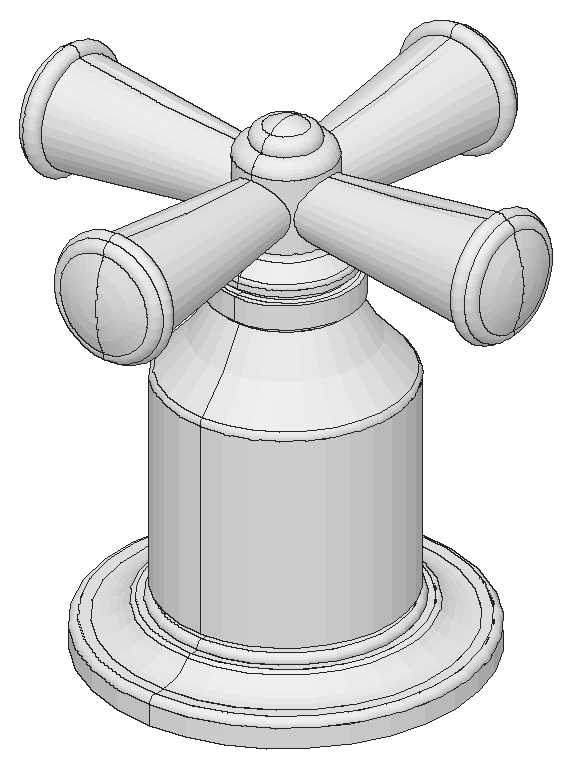
Revit family "Diverter_Valve_Trim-American_Standard-Delancey-T05243X_Series", category Plumbing Fixtures, host Face, Revit 2014
Parameters (values of type "T052432.002")
  Width = 3 1/16"  # constant formula
  Water Connection Radius = 1/4"  # constant formula
  Water Connection Diameter = Water Connection Radius * 2  # 1/2"
  Waste Connection = no
  Warranty Information = "Limited Lifetime Function and Finish Warranty"  # constant formula
  WFU = 4  # constant formula
  Vent Connection = no
  URL = "https://www.americanstandard-us.com/"
  Type Comments = ""
  Product Page URL = ""
  Product Documentation Link = ""
  Price = "Prices may vary. Please consult Manufacturer Representative for most up-to-date price list."  # constant formula
  Model = "T052432.002"
  Material = "Metal-American Standard-002-Polished Chrome"
  Manufacturer = "American Standard"  # constant formula
  Lever Handle = not(Cross Handle)  # no
  Length = 3 5/16"  # constant formula
  Installation Type = "Wall Mounted"  # constant formula
  Hot Water Connection Radius = Hot Water Connection Diameter / 2  # 1/4"
  Hot Water Connection Diameter = 1/2"
  Height = 4 7/8"  # constant formula
  HWFU = 3  # constant formula
  HW Connection = yes
  Finish = Metal-American Standard-002-Polished Chrome
  Description = "Delancey Diverter Valve Trim"
  Default Elevation = 44"  # constant formula
  Cross Handle = yes
  Creation Date = "02/13/2019"  # constant formula
  Cold Water Connection Radius = Cold Water Connection Diameter / 2  # 1/4"
  Cold Water Connection Diameter = 1/2"
  CWFU = 3  # constant formula
  CW Connection = yes
  Assembly Code = "D2020300"
  ADA Compliant = yes
Types (9): name | Model | Material | Lever Handle | Finish | Description | Cross Handle
  (no name) | "T052432.002" | "Metal-American Standard-002-Polished Chrome" | no | Metal-American Standard-002-Polished Chrome | "Delancey Diverter Valve Trim" | yes
  T052430.002 | "T052430.002" | "Metal-American Standard-002-Polished Chrome" | yes | Metal-American Standard-002-Polished Chrome | "Delancey Diverter Valve Trim" | no
  T052430.295 | "T052430.295" | "Metal-American Standard-295-Brushed Nickel" | yes | Metal-American Standard-295-Brushed Nickel | "Delancey Thermostat Trim" | no
  T052430.013 | "T052430.013" | "Metal-American Standard-013-Polished Nickel" | yes | Metal-American Standard-013-Polished Nickel | "Delancey Thermostat Trim" | no
  T052430.278 | "T052430.278" | "Metal-American Standard-278-Legacy Bronze" | yes | Metal-American Standard-278-Legacy Bronze | "Delancey Thermostat Trim" | no
  T052432.002 | "T052432.002" | "Metal-American Standard-002-Polished Chrome" | no | Metal-American Standard-002-Polished Chrome | "Delancey Diverter Valve Trim" | yes
  T052432.295 | "T052432.295" | "Metal-American Standard-295-Brushed Nickel" | no | Metal-American Standard-295-Brushed Nickel | "Delancey Diverter Valve Trim" | yes
  T052432.013 | "T052432.013" | "Metal-American Standard-013-Polished Nickel" | no | Metal-American Standard-013-Polished Nickel | "Delancey Diverter Valve Trim" | yes
  T052432.278 | "T052432.278" | "Metal-American Standard-278-Legacy Bronze" | no | Metal-American Standard-278-Legacy Bronze | "Delancey Diverter Valve Trim" | yes
Reference planes (in)
  plane 1 "Center (Front/Back)": y = 0
  plane 2: z = 0
  plane 3 "Center (Left/Right)": x = 0
  plane 4: y = -1.09375
  plane 5: y = 1.09375
  plane 6: y = -0.6875
  plane 7: y = 0.6875
  plane 8: y = -3.78125
  plane 9: z = 3.3125
Forms (in)
  Revolve 1, solid, material "Metal-American Standard-002-Polished Chrome" <- "Finish", visible <- "Cross Handle"
    sketch origin (0, -2.08655, -0.59203) x (0, 1, 0) y (0, 0, 1)
      loop
        line (2.08655, 2.76118) -> (2.4317, 2.76118) -> (2.4317, 2.79653) -> (2.469, 2.79653) -> (2.469, 2.83393)
        arc (2.469, 2.83393) -> (2.46596, 2.84922) -> (2.4573, 2.86218) r 0.03996
        line (2.4573, 2.86218) -> (2.37746, 2.94202)
        arc (2.37746, 2.94202) -> (2.36567, 2.95967) -> (2.36153, 2.98049) r 0.0544
        line (2.36153, 2.98049) -> (2.36153, 3.40562)
        arc (2.36153, 3.40562) -> (2.33614, 3.46691) -> (2.27486, 3.49229) r 0.08667
        arc (2.27486, 3.49229) -> (2.25983, 3.54775) -> (2.20782, 3.57218) r 0.06839
        arc (2.20782, 3.57218) -> (2.15069, 3.60327) -> (2.08655, 3.61402) r 0.19667
        line (2.08655, 3.61402) -> (2.08655, 2.76118)
      axis (2.08655, 3.61402) -> (2.08655, 2.76118)
    angle from 0 to 360
  Revolve 2, solid, material "Metal-American Standard-002-Polished Chrome" <- "Finish"
    sketch origin (0, 2.0072, -0.25) x (0, -1, 0) y (0, 0, 1)
      loop
        line (2.0072, 0.25) -> (3.10095, 0.25) -> (3.10095, 0.36687)
        arc (3.10095, 0.36687) -> (3.08806, 0.398) -> (3.05693, 0.41089) r 0.04402
        line (3.05693, 0.41089) -> (2.99129, 0.41089)
        arc (2.99129, 0.41089) -> (2.88257, 0.43492) -> (2.7941, 0.50251) r 0.25803
        arc (2.7941, 0.50251) -> (2.78036, 0.513) -> (2.76349, 0.51673) r 0.04005
        line (2.76349, 0.51673) -> (2.7183, 0.51673)
        arc (2.7183, 0.51673) -> (2.71277, 0.5506) -> (2.68217, 0.56613) r 0.03792
        line (2.68217, 0.56613) -> (2.55278, 0.56613) -> (2.55278, 0.60072) -> (2.6947, 0.60072) -> (2.6947, 1.79279)
        arc (2.6947, 1.79279) -> (2.68948, 1.81733) -> (2.67472, 1.83763) r 0.06028
        arc (2.67472, 1.83763) -> (2.5041, 2.02613) -> (2.37566, 2.24555) r 1.23635
        line (2.37566, 2.24555) -> (2.37566, 2.2809) -> (2.41822, 2.2809) -> (2.41822, 2.41915) -> (2.38717, 2.41915)
        arc (2.38717, 2.41915) -> (2.23876, 2.48062) -> (2.17729, 2.62902) r 0.20987
        line (2.17729, 2.62902) -> (2.17729, 2.69475) -> (2.0072, 2.69475) -> (2.0072, 0.25)
      axis (2.0072, 2.69475) -> (2.0072, 0.25)
    angle from 0 to 360
  Revolve 3, solid, material "Metal-American Standard-002-Polished Chrome" <- "Finish", visible <- "Cross Handle"
    sketch origin (0, -2.08655, -0.59203) x (0, 1, 0) y (0, 0, 1)
      loop
        arc (3.416, 3.49239) -> (2.08655, 3.36796) -> (0.7571, 3.49239) r 7.16435
        arc (0.7571, 3.49239) -> (0.72645, 3.54542) -> (0.66888, 3.5245) r 0.04767
        arc (0.66888, 3.5245) -> (0.6313, 3.50578) -> (0.61939, 3.46552) r 0.05258
        arc (0.61939, 3.46552) -> (0.57152, 3.32797) -> (0.5553, 3.18322) r 0.65372
        line (0.5553, 3.18322) -> (3.6178, 3.18322)
        arc (3.6178, 3.18322) -> (3.60157, 3.32797) -> (3.5537, 3.46552) r 0.65372
        arc (3.5537, 3.46552) -> (3.5418, 3.50578) -> (3.50422, 3.5245) r 0.05258
        arc (3.50422, 3.5245) -> (3.44665, 3.54542) -> (3.416, 3.49239) r 0.04767
      axis (3.6178, 3.18322) -> (0.5553, 3.18322)
    angle from 0 to 360
  Revolve 4, solid, material "Metal-American Standard-002-Polished Chrome" <- "Finish", visible <- "Cross Handle"
    sketch origin (-2.08655, 0, -0.59203) x (1, 0, 0) y (0, 0, 1)
      loop
        arc (3.416, 3.49239) -> (2.08655, 3.36796) -> (0.7571, 3.49239) r 7.16435
        arc (0.7571, 3.49239) -> (0.72645, 3.54542) -> (0.66888, 3.5245) r 0.04767
        arc (0.66888, 3.5245) -> (0.6313, 3.50578) -> (0.61939, 3.46552) r 0.05258
        arc (0.61939, 3.46552) -> (0.57152, 3.32797) -> (0.5553, 3.18322) r 0.65372
        line (0.5553, 3.18322) -> (3.6178, 3.18322)
        arc (3.6178, 3.18322) -> (3.60157, 3.32797) -> (3.5537, 3.46552) r 0.65372
        arc (3.5537, 3.46552) -> (3.5418, 3.50578) -> (3.50422, 3.5245) r 0.05258
        arc (3.50422, 3.5245) -> (3.44665, 3.54542) -> (3.416, 3.49239) r 0.04767
      axis (3.6178, 3.18322) -> (0.5553, 3.18322)
    angle from 0 to 360
  Sweep 5, solid, material "Metal-American Standard-002-Polished Chrome" <- "Finish", visible <- "Lever Handle"
    path origin (0, 1.96033, -0.76563) x (0, 1, 0) y (0, 0, 1)
      loop
        line (-1.96033, 3.21038) -> (-1.96033, 3.27525)
        arc (-1.96033, 3.27525) -> (-2.07303, 3.54734) -> (-2.34511, 3.66004) r 0.38479
        line (-2.34511, 3.66004) -> (-2.41691, 3.66004)
    profile origin (0, 0, 2.47719) x (0, -1, 0) y (1, 0, 0)
      loop
        circle (0, 0) r 0.17009
  Revolve 6, solid, material "Metal-American Standard-002-Polished Chrome" <- "Finish", visible <- "Lever Handle"
    sketch origin (0, 1.96033, -0.76563) x (0, 1, 0) y (0, 0, 1)
      loop
        line (-2.41691, 3.83013) -> (-2.51996, 3.83013) -> (-2.58174, 3.89191)
        arc (-2.58174, 3.89191) -> (-2.59372, 3.92082) -> (-2.62262, 3.93279) r 0.04088
        arc (-2.62262, 3.93279) -> (-2.6525, 3.98494) -> (-2.70733, 3.96032) r 0.04475
        arc (-2.70733, 3.96032) -> (-2.73457, 3.95197) -> (-2.75173, 3.92922) r 0.04618
        arc (-2.75173, 3.92922) -> (-3.96644, 3.89735) -> (-5.17761, 3.9952) r 11.37766
        arc (-5.17761, 3.9952) -> (-5.19874, 4.0158) -> (-5.22815, 4.01352) r 0.03576
        arc (-5.22815, 4.01352) -> (-5.23498, 4.05251) -> (-5.27397, 4.05934) r 0.03446
        arc (-5.27397, 4.05934) -> (-5.32602, 4.09455) -> (-5.37807, 4.05934) r 0.05608
        arc (-5.37807, 4.05934) -> (-5.41887, 4.04587) -> (-5.43921, 4.00804) r 0.05801
        arc (-5.43921, 4.00804) -> (-5.52573, 3.95673) -> (-5.59128, 3.88044) r 0.31024
        arc (-5.59128, 3.88044) -> (-5.63873, 3.86752) -> (-5.66274, 3.82461) r 0.06352
        arc (-5.66274, 3.82461) -> (-5.71266, 3.7491) -> (-5.72885, 3.66004) r 0.22533
        line (-5.72885, 3.66004) -> (-2.41691, 3.66004) -> (-2.41691, 3.83013)
      axis (-2.41691, 3.66004) -> (-5.72885, 3.66004)
    angle from 0 to 360
  Extrusion 7, solid, not visible
    sketch origin (0, 1.96033, 0) x (1, 0, 0) y (0, 1, 0)
      loop
        circle (0, -1.96033) r 0.46623
    from -1.35143 to 0
  Extrusion 8, solid, not visible
    sketch origin (0, 1.96033, 0) x (1, 0, 0) y (0, 0, 1)
      loop
        circle (0, -1.35143) r 0.25
    from 0.86658 to 3.05408
  Extrusion 9, solid, not visible
    sketch origin (0, 1.96033, 0) x (0, 1, 0) y (0, 0, 1)
      loop
        circle (-1.96033, -1.35143) r 0.25
    from -1.70877 to 1.68079
Cuts and joins
  joined: Sweep 5, Revolve 6
  joined: Extrusion 7, Extrusion 8, Extrusion 9
  joined: Revolve 1, Revolve 3, Revolve 4
Lines and regions (in)
  Masking region 1
    outline origin (0, 0, 0) x (1, 0, 0) y (0, 0, 1)
      loop
        line (-1.09221, 0) -> (1.09221, 0) -> (1.09221, 0.12731)
        arc (1.09221, 0.12731) -> (1.08255, 0.15062) -> (1.05925, 0.16028) r 0.03296
        line (1.05925, 0.16028) -> (0.97355, 0.16028)
        arc (0.97355, 0.16028) -> (0.86036, 0.18855) -> (0.77377, 0.26673) r 0.2407
        line (0.77377, 0.26673) -> (0.7111, 0.26673)
        arc (0.7111, 0.26673) -> (0.71488, 0.29887) -> (0.6875, 0.31613) r 0.03034
        line (0.6875, 0.31613) -> (0.54558, 0.31613) -> (0.54558, 0.35072) -> (0.6875, 0.35072) -> (0.6875, 1.54224)
        arc (0.6875, 1.54224) -> (0.68128, 1.57032) -> (0.66377, 1.59313) r 0.06643
        arc (0.66377, 1.59313) -> (0.49189, 1.77657) -> (0.36846, 1.99555) r 1.05174
        line (0.36846, 1.99555) -> (0.36846, 2.0309) -> (0.41102, 2.0309) -> (0.41102, 2.16915) -> (-0.41102, 2.16915) -> (-0.41102, 2.0309) -> (-0.36846, 2.0309) -> (-0.36846, 1.99555)
        arc (-0.36846, 1.99555) -> (-0.49189, 1.77657) -> (-0.66377, 1.59313) r 1.05174
        arc (-0.66377, 1.59313) -> (-0.68128, 1.57032) -> (-0.6875, 1.54224) r 0.06643
        line (-0.6875, 1.54224) -> (-0.6875, 0.35072) -> (-0.54558, 0.35072) -> (-0.54558, 0.31613) -> (-0.6875, 0.31613)
        arc (-0.6875, 0.31613) -> (-0.71488, 0.29887) -> (-0.7111, 0.26673) r 0.03034
        line (-0.7111, 0.26673) -> (-0.77377, 0.26673)
        arc (-0.77377, 0.26673) -> (-0.86036, 0.18855) -> (-0.97355, 0.16028) r 0.2407
        line (-0.97355, 0.16028) -> (-1.05925, 0.16028)
        arc (-1.05925, 0.16028) -> (-1.08255, 0.15062) -> (-1.09221, 0.12731) r 0.03296
        line (-1.09221, 0.12731) -> (-1.09221, 0)
  Masking region 2, visible <- "Cross Handle"
    outline origin (0, 0, 0) x (1, 0, 0) y (0, 0, 1)
      loop
        arc (1.32945, 2.90036) -> (0.82379, 2.82466) -> (0.31407, 2.78466) r 7.27645
        arc (0.31407, 2.78466) -> (0.29264, 2.81575) -> (0.26815, 2.8445) r 0.36887
        arc (0.26815, 2.8445) -> (0.23622, 2.88555) -> (0.18645, 2.90062) r 0.08582
        arc (0.18645, 2.90062) -> (0.17401, 2.9569) -> (0.12127, 2.98015) r 0.06376
        arc (0.12127, 2.98015) -> (0, 3.02308) -> (-0.12127, 2.98015) r 0.19277
        arc (-0.12127, 2.98015) -> (-0.17401, 2.9569) -> (-0.18645, 2.90062) r 0.06376
        arc (-0.18645, 2.90062) -> (-0.23622, 2.88555) -> (-0.26815, 2.8445) r 0.08582
        arc (-0.26815, 2.8445) -> (-0.29264, 2.81575) -> (-0.31407, 2.78466) r 0.36887
        arc (-0.31407, 2.78466) -> (-0.82379, 2.82466) -> (-1.32945, 2.90036) r 7.27645
        arc (-1.32945, 2.90036) -> (-1.359, 2.95642) -> (-1.41767, 2.93247) r 0.04717
        arc (-1.41767, 2.93247) -> (-1.4562, 2.91455) -> (-1.46715, 2.8735) r 0.05017
        arc (-1.46715, 2.8735) -> (-1.52918, 2.5912) -> (-1.46715, 2.3089) r 0.67346
        arc (-1.46715, 2.3089) -> (-1.45436, 2.26938) -> (-1.41767, 2.24992) r 0.05529
        arc (-1.41767, 2.24992) -> (-1.36035, 2.22967) -> (-1.32945, 2.28203) r 0.04783
        arc (-1.32945, 2.28203) -> (-0.8249, 2.35981) -> (-0.31605, 2.40099) r 7.07544
        arc (-0.31605, 2.40099) -> (-0.30127, 2.37835) -> (-0.28486, 2.35684) r 0.36887
        line (-0.28486, 2.35684) -> (-0.36511, 2.27659)
        arc (-0.36511, 2.27659) -> (-0.37771, 2.25773) -> (-0.38213, 2.23549) r 0.05813
        line (-0.38213, 2.23549) -> (-0.38213, 2.2045) -> (-0.34515, 2.2045) -> (-0.34515, 2.16915) -> (0.34515, 2.16915) -> (0.34515, 2.2045) -> (0.38213, 2.2045) -> (0.38213, 2.23549)
        arc (0.38213, 2.23549) -> (0.37771, 2.25773) -> (0.36511, 2.27659) r 0.05813
        line (0.36511, 2.27659) -> (0.28486, 2.35684)
        arc (0.28486, 2.35684) -> (0.30127, 2.37835) -> (0.31605, 2.40099) r 0.36887
        arc (0.31605, 2.40099) -> (0.8249, 2.35981) -> (1.32945, 2.28203) r 7.07544
        arc (1.32945, 2.28203) -> (1.36035, 2.22967) -> (1.41767, 2.24992) r 0.04783
        arc (1.41767, 2.24992) -> (1.45436, 2.26938) -> (1.46715, 2.3089) r 0.05529
        arc (1.46715, 2.3089) -> (1.52918, 2.5912) -> (1.46715, 2.8735) r 0.67346
        arc (1.46715, 2.8735) -> (1.4562, 2.91455) -> (1.41767, 2.93247) r 0.05017
        arc (1.41767, 2.93247) -> (1.359, 2.95642) -> (1.32945, 2.90036) r 0.04717
  Masking region 3, visible <- "Lever Handle"
    outline origin (0, 0, 0) x (1, 0, 0) y (0, 0, 1)
      loop
        arc (0.16999, 2.49333) -> (0, 3.32968) -> (-0.16999, 2.49333) r 0.43545
        line (-0.16999, 2.49333) -> (-0.16999, 2.36582)
        arc (-0.16999, 2.36582) -> (-0.2276, 2.22675) -> (-0.36666, 2.16915) r 0.19667
        line (-0.36666, 2.16915) -> (0.36666, 2.16915)
        arc (0.36666, 2.16915) -> (0.2276, 2.22675) -> (0.16999, 2.36582) r 0.19667
        line (0.16999, 2.36582) -> (0.16999, 2.49333)
  symbolic lines, visible <- "Cross Handle", detail levels medium+fine
    curve 1: arc (0.31407, 0, 2.78466) -> (0.36573, 0, 2.59287) -> (0.31407, 0, 2.40108) r 0.38183
    curve 2: arc (0.28486, 0, 2.35684) -> (0, 0, 2.22456) -> (-0.28486, 0, 2.35684) r 0.37284
    curve 3: arc (0.18645, 0, 2.90062) -> (0, 0, 2.94923) -> (-0.18645, 0, 2.90062) r 0.38184
    curve 4: arc (-0.18645, 0, 2.90062) -> (-0.22859, 0, 2.87443) -> (-0.26815, 0, 2.8445) r 0.54108
    curve 5: arc (0.18645, 0, 2.90062) -> (0.22859, 0, 2.87443) -> (0.26815, 0, 2.8445) r 0.54108
    curve 6: arc (-0.31411, 0, 2.78459) -> (-0.36573, 0, 2.59283) -> (-0.31407, 0, 2.40108) r 0.38183
  symbolic lines, visible <- "Cross Handle", detail levels fine
    curve 7: line (1.32945, 0, 2.90036) -> (1.32945, 0, 2.28203)
    curve 8: line (1.41767, 0, 2.24992) -> (1.41767, 0, 2.93247)
    curve 9: line (1.46715, 0, 2.8735) -> (1.46715, 0, 2.3089)
    curve 10: line (0.12127, 0, 2.98015) -> (-0.12127, 0, 2.98015)
    curve 11: line (0.34515, 0, 2.2045) -> (-0.34515, 0, 2.2045)
    curve 12: circle (0, 0, 2.5912) r 0.2823 normal (0, -1, 0)
    curve 13: circle (0, 0, 2.5912) r 0.31485 normal (0, -1, 0)
    curve 14: circle (0, 0, 2.5912) r 0.34127 normal (0, -1, 0)
    curve 15: line (-1.32945, 0, 2.90036) -> (-1.32945, 0, 2.28203)
    curve 16: line (-1.41767, 0, 2.24992) -> (-1.41767, 0, 2.93247)
    curve 17: line (-1.46715, 0, 2.8735) -> (-1.46715, 0, 2.3089)
  symbolic lines, visible <- "Lever Handle", detail levels medium+fine
    curve 18: line (0.16999, 0, 2.49333) -> (0.16999, 0, 2.9093)
    curve 19: line (-0.16999, 0, 2.49333) -> (-0.16999, 0, 2.9093)
    curve 20: arc (0.16999, 0, 2.9093) -> (0, 0, 3.0793) -> (-0.16999, 0, 2.9093) r 0.16999
  symbolic lines, visible <- "Lever Handle", detail levels fine
    curve 21: arc (0.16999, 0, 2.73671) -> (0, 0, 3.12629) -> (-0.16999, 0, 2.73671) r 0.23188
    curve 22: arc (0.16999, 0, 2.64689) -> (0, 0, 3.19469) -> (-0.16999, 0, 2.64689) r 0.30028
    curve 23: arc (0.16999, 0, 2.5331) -> (0, 0, 3.29372) -> (-0.16999, 0, 2.5331) r 0.3993
    curve 24: arc (0.16999, 0, 2.59076) -> (0.02826, 0, 3.24735) -> (-0.16999, 0, 2.60555) r 0.34718
  symbolic lines, detail levels medium+fine
    curve 25: line (0.36846, 0, 2.0309) -> (-0.36846, 0, 2.0309)
    curve 26: line (0.54558, 0, 0.31613) -> (-0.54558, 0, 0.31613)
    curve 27: line (0.54558, 0, 0.35072) -> (-0.54558, 0, 0.35072)
  symbolic lines, detail levels fine
    curve 28: line (0.97355, 0, 0.16028) -> (-0.97355, 0, 0.16028)
    curve 29: line (0.7111, 0, 0.26673) -> (-0.7111, 0, 0.26673)
Dimensions and locks (in)
  equal spacing: plane 5, plane 1 "Center (Front/Back)", plane 4
  locked: plane 5 to plane 4 at 2.1875
  equal spacing: plane 7, plane 1 "Center (Front/Back)", plane 6
  locked: plane 7 to plane 6 at 1.375
  locked: plane 5 to plane 8 at 4.875
  aligned and locked: plane 2 to host face
  aligned and locked: level to host face
Automatic sketch dimensions
  host sketch curve to host sketch curve = 96"  (x2)
  Revolve 1 sketch curve to plane 1 "Center (Front/Back)" = 0"  (x2)
  Revolve 1 sketch curve to plane 1 "Center (Front/Back)" = 0.12089"
  Revolve 1 sketch curve to Revolve 1 sketch curve = 0.06742"
  Revolve 1 sketch curve to Revolve 1 sketch curve = 0.08667"
  Revolve 1 sketch curve to Revolve 1 sketch curve = 0.01593"
  Revolve 1 sketch curve to Revolve 1 sketch curve = 0.03847"
  Revolve 1 sketch curve to Revolve 1 sketch curve = 0.05157"
  Revolve 1 sketch curve to Revolve 1 sketch curve = 0.00266"
  Revolve 1 sketch curve to Revolve 1 sketch curve = 0.02826"
  Revolve 1 sketch curve to Revolve 1 sketch curve = 0.0373"
  Revolve 1 sketch curve to plane 9 = 1.14335"
  Revolve 1 sketch curve to Revolve 1 sketch curve = 0.03535"
  Revolve 1 sketch curve to Revolve 1 sketch curve = 0.0374"
  Revolve 1 sketch curve to Revolve 1 sketch curve = 0.07983"
  Revolve 1 sketch curve to Revolve 1 sketch curve = 0.42513"
  Revolve 1 sketch curve to Revolve 1 sketch curve = 3/256"
  Revolve 1 sketch curve to Revolve 1 sketch curve = 0.0115"
  Revolve 1 sketch curve to Revolve 1 sketch curve = 0.11023"
  Revolve 1 sketch curve to Revolve 1 sketch curve = 0.15348"
  Revolve 1 sketch curve to Revolve 1 sketch curve = 0.02585"
  Revolve 2 sketch curve to plane 1 "Center (Front/Back)" = 0"  (x2)
  Revolve 2 sketch curve to plane 6 = 0"
  Revolve 2 sketch curve to level = 0"
  Revolve 2 sketch curve to plane 4 = 0"
  Revolve 2 sketch curve to plane 1 "Center (Front/Back)" = 0.17009"
  plane 6 to Revolve 2 sketch curve = 0.31904"
  Revolve 2 sketch curve to Revolve 2 sketch curve = 0.01151"
  Revolve 2 sketch curve to Revolve 2 sketch curve = 0.04256"
  plane 6 to Revolve 2 sketch curve = 0.14192"
  Revolve 2 sketch curve to Revolve 2 sketch curve = 0.06028"
  plane 6 to Revolve 2 sketch curve = 0.01253"
  Revolve 2 sketch curve to plane 6 = 0.0236"
  Revolve 2 sketch curve to Revolve 2 sketch curve = 0.04519"
  plane 4 to Revolve 2 sketch curve = 0.10966"
  Revolve 2 sketch curve to Revolve 2 sketch curve = 0.04402"
  Revolve 2 sketch curve to plane 4 = 0.40025"
  Revolve 2 sketch curve to level = 0.11687"
  Revolve 2 sketch curve to level = 0.22668"
  Revolve 2 sketch curve to Revolve 2 sketch curve = 0.04005"
  Revolve 2 sketch curve to Revolve 2 sketch curve = 0.01148"
  Revolve 2 sketch curve to Revolve 2 sketch curve = 0.03459"
  Revolve 2 sketch curve to Revolve 2 sketch curve = 0.25803"
  Revolve 2 sketch curve to Revolve 2 sketch curve = 1.12386"
  Revolve 2 sketch curve to Revolve 2 sketch curve = 0.45276"
  Revolve 2 sketch curve to Revolve 2 sketch curve = 0.03535"
  Revolve 2 sketch curve to Revolve 2 sketch curve = 0.13825"
  Revolve 2 sketch curve to Revolve 2 sketch curve = 0.06573"
  plane 9 to Revolve 2 sketch curve = 0.80537"
  Revolve 2 sketch curve to Revolve 2 sketch curve = 0.0535"
  Revolve 2 sketch curve to Revolve 2 sketch curve = 0.17933"
  Revolve 3 sketch curve to plane 1 "Center (Front/Back)" = 0"
  plane 6 to Revolve 3 sketch curve = 0.19003"
  plane 4 to Revolve 3 sketch curve = 0.28266"
  Revolve 3 sketch curve to Revolve 3 sketch curve = 0.03856"  (x2)
  Revolve 3 sketch curve to Revolve 3 sketch curve = 0.11628"  (x2)
  plane 7 to Revolve 3 sketch curve = 0.19003"
  plane 5 to Revolve 3 sketch curve = 0.28266"
  Revolve 3 sketch curve to plane 9 = 0.7213"
  Revolve 3 sketch curve to Revolve 3 sketch curve = 0.28876"  (x2)
  Revolve 3 sketch curve to Revolve 3 sketch curve = 0.02864"  (x2)
  plane 9 to Revolve 3 sketch curve = 6.62778"
  Revolve 3 sketch curve to Revolve 3 sketch curve = 0.04696"  (x2)
  Revolve 3 sketch curve to Revolve 3 sketch curve = 0.04126"  (x2)
  Revolve 3 sketch curve to Revolve 3 sketch curve = 0.05219"
  Revolve 3 sketch curve to plane 7 = 0.13193"
  plane 7 to Revolve 3 sketch curve = 0.03117"
  Revolve 3 sketch curve to Revolve 3 sketch curve = 0"
  Revolve 4 sketch curve to plane 3 "Center (Left/Right)" = 0"
  Revolve 4 sketch curve to plane 3 "Center (Left/Right)" = 0.87753"
  Revolve 4 sketch curve to plane 9 = 0.40391"  (x2)
  Revolve 4 sketch curve to Revolve 4 sketch curve = 0.49888"  (x2)
  Revolve 4 sketch curve to Revolve 4 sketch curve = 0.03856"  (x2)
  Revolve 4 sketch curve to Revolve 4 sketch curve = 0.11628"  (x2)
  plane 3 "Center (Left/Right)" to Revolve 4 sketch curve = 0.87753"
  Revolve 4 sketch curve to Revolve 4 sketch curve = 0.02864"  (x2)
  Revolve 4 sketch curve to Revolve 4 sketch curve = 0.31739"
  plane 9 to Revolve 4 sketch curve = 6.62778"
  Revolve 4 sketch curve to Revolve 4 sketch curve = 0.04696"  (x2)
  Revolve 4 sketch curve to Revolve 4 sketch curve = 0.04126"  (x2)
  Revolve 4 sketch curve to Revolve 4 sketch curve = 0.05219"
  Revolve 4 sketch curve to Revolve 4 sketch curve = 0.32196"
  Revolve 4 sketch curve to Revolve 4 sketch curve = 0.15886"
  Revolve 4 sketch curve to Revolve 4 sketch curve = 0"
  Sweep 5 sketch curve to plane 1 "Center (Front/Back)" = 0"
  Sweep 5 sketch curve to plane 6 = 0.30271"
  Sweep 5 sketch curve to plane 9 = 0.80287"
  Sweep 5 sketch curve to Sweep 5 sketch curve = 0.0718"
  Sweep 5 sketch curve to Sweep 5 sketch curve = 0.06488"
  Sweep 5 sketch curve to plane 3 "Center (Left/Right)" = 0"
  Sweep 5 sketch curve to profile plane = 0"
  plane 1 "Center (Front/Back)" to Extrusion 7 sketch curve = 0"
  Extrusion 7 sketch curve to plane 3 "Center (Left/Right)" = 0"
  Extrusion 8 sketch curve to plane 3 "Center (Left/Right)" = 0"
  Extrusion 8 sketch curve to level = 1.35143"
  Extrusion 9 sketch curve to plane 1 "Center (Front/Back)" = 0"
  Extrusion 9 sketch curve to level = 1.35143"
  Revolve 6 sketch curve to plane 8 = 0.01273"
  Revolve 6 sketch curve to plane 8 = 0.14195"
  Revolve 6 sketch curve to Revolve 6 sketch curve = 0.09604"
  Revolve 6 sketch curve to plane 9 = 0.07669"
  Revolve 6 sketch curve to Revolve 6 sketch curve = 0.21804"
  Revolve 6 sketch curve to Revolve 6 sketch curve = 0.17727"
  Revolve 6 sketch curve to Revolve 6 sketch curve = 0.05556"
  Revolve 6 sketch curve to Revolve 6 sketch curve = 0.06668"
  Revolve 6 sketch curve to Revolve 6 sketch curve = 0.04843"
  plane 4 to Revolve 6 sketch curve = 0.60302"
  plane 6 to Revolve 6 sketch curve = 0.06026"
  plane 6 to Revolve 6 sketch curve = 0.0185"
  Revolve 6 sketch curve to plane 6 = 0.0252"
  Revolve 6 sketch curve to Revolve 6 sketch curve = 0.04088"
  Revolve 6 sketch curve to Revolve 6 sketch curve = 0.06178"  (x2)
  Revolve 6 sketch curve to Revolve 6 sketch curve = 0.10305"
  Revolve 6 sketch curve to plane 9 = 0.09595"
  Revolve 6 sketch curve to plane 9 = 0.13574"
  Revolve 6 sketch curve to Revolve 6 sketch curve = 0.02824"
  Revolve 6 sketch curve to Revolve 6 sketch curve = 0.05047"
  Revolve 6 sketch curve to plane 9 = 0.26066"
  Revolve 6 sketch curve to Revolve 6 sketch curve = 0.26311"
  Revolve 6 sketch curve to Revolve 6 sketch curve = 39/256"
  Revolve 6 sketch curve to Revolve 6 sketch curve = 0.17009"
  Revolve 6 sketch curve to plane 9 = 0.04998"
  Revolve 6 sketch curve to plane 9 = 0.03965"
  Revolve 6 sketch curve to Revolve 6 sketch curve = 0.06311"
  Revolve 6 sketch curve to Revolve 6 sketch curve = 0.00834"
  Revolve 6 sketch curve to Revolve 6 sketch curve = 0.05763"
  Revolve 6 sketch curve to plane 9 = 0.01878"  (x2)
  Revolve 6 sketch curve to Revolve 6 sketch curve = 0.0312"
  Revolve 6 sketch curve to Revolve 6 sketch curve = 0.03331"
  plane 4 to Revolve 6 sketch curve = 0.19524"
  plane 4 to Revolve 6 sketch curve = 0.02475"
  Revolve 6 sketch curve to Revolve 6 sketch curve = 0.04365"
  Revolve 6 sketch curve to Revolve 6 sketch curve = 0.041"
  Revolve 6 sketch curve to plane 9 = 0.41809"
  Masking region 1 sketch curve to level = 0"
  Masking region 1 sketch curve to plane 3 "Center (Left/Right)" = 0.36846"
  Masking region 1 sketch curve to Masking region 1 sketch curve = 0.04256"  (x2)
  Masking region 1 sketch curve to plane 3 "Center (Left/Right)" = 0.54558"
  Masking region 1 sketch curve to Masking region 1 sketch curve = 0.25261"  (x2)
  Masking region 1 sketch curve to Masking region 1 sketch curve = 0.14192"
  Masking region 1 sketch curve to Masking region 1 sketch curve = 0"  (x2)
  Masking region 1 sketch curve to Masking region 1 sketch curve = 0.0236"  (x2)
  Masking region 1 sketch curve to Masking region 1 sketch curve = 0.06267"  (x2)
  Masking region 1 sketch curve to Masking region 1 sketch curve = 0.19978"  (x2)
  Masking region 1 sketch curve to Masking region 1 sketch curve = 0.08569"  (x2)
  Masking region 1 sketch curve to Masking region 1 sketch curve = 0.03296"  (x2)
  Masking region 1 sketch curve to Masking region 1 sketch curve = 0.9288"  (x2)
  plane 3 "Center (Left/Right)" to Masking region 1 sketch curve = 0.36846"
  plane 3 "Center (Left/Right)" to Masking region 1 sketch curve = 0.54558"
  Masking region 1 sketch curve to Masking region 1 sketch curve = 0.06643"
  level to Masking region 1 sketch curve = 0.12731"  (x2)
  level to Masking region 1 sketch curve = 0.26673"
  Masking region 1 sketch curve to Masking region 1 sketch curve = 0.10645"
  Masking region 1 sketch curve to Masking region 1 sketch curve = 0.01906"  (x2)
  Masking region 1 sketch curve to Masking region 1 sketch curve = 0.03459"  (x2)
  Masking region 1 sketch curve to Masking region 1 sketch curve = 1.14127"
  Masking region 1 sketch curve to Masking region 1 sketch curve = 0.45331"  (x2)
  Masking region 1 sketch curve to Masking region 1 sketch curve = 0.03535"  (x2)
  Masking region 1 sketch curve to Masking region 1 sketch curve = 0.13825"  (x2)
  Masking region 1 sketch curve to plane 9 = 0.91369"  (x2)
  Masking region 2 sketch curve to Masking region 2 sketch curve = 0"  (x10)
  Masking region 2 sketch curve to plane 3 "Center (Left/Right)" = 0"  (x4)
  Masking region 2 sketch curve to plane 3 "Center (Left/Right)" = 0.1247"
  Masking region 2 sketch curve to Masking region 2 sketch curve = 0.06294"  (x2)
  Masking region 2 sketch curve to Masking region 2 sketch curve = 0.02115"  (x2)
  Masking region 2 sketch curve to Masking region 2 sketch curve = 0.04111"  (x2)
  Masking region 2 sketch curve to Masking region 2 sketch curve = 0.01703"
  Masking region 2 sketch curve to Masking region 2 sketch curve = 0.49061"  (x2)
  Masking region 2 sketch curve to Masking region 2 sketch curve = 0.51941"  (x2)
  Masking region 2 sketch curve to Masking region 2 sketch curve = 0.52098"  (x2)
  Masking region 2 sketch curve to Masking region 2 sketch curve = 0.0353"  (x2)
  Masking region 2 sketch curve to Masking region 2 sketch curve = 0.04263"  (x2)
  plane 3 "Center (Left/Right)" to Masking region 2 sketch curve = 0.1247"
  Masking region 2 sketch curve to Masking region 2 sketch curve = 0.03698"
  Masking region 2 sketch curve to level = 4.66738"
  Masking region 2 sketch curve to plane 9 = 1.14335"
  Masking region 2 sketch curve to Masking region 2 sketch curve = 0.03535"  (x2)
  Masking region 2 sketch curve to Masking region 2 sketch curve = 0.03099"  (x2)
  Masking region 2 sketch curve to Masking region 2 sketch curve = 0.03914"  (x2)
  Masking region 2 sketch curve to Masking region 2 sketch curve = 0.03031"  (x2)
  Masking region 2 sketch curve to Masking region 2 sketch curve = 0.3146"  (x2)
  Masking region 2 sketch curve to Masking region 2 sketch curve = 0.01549"  (x2)
  Masking region 2 sketch curve to plane 9 = 0.4302"  (x2)
  Masking region 2 sketch curve to Masking region 2 sketch curve = 0.02979"  (x2)
  Masking region 2 sketch curve to Masking region 2 sketch curve = 0.10168"  (x2)
  Masking region 2 sketch curve to Masking region 2 sketch curve = 0.00342"  (x2)
  Masking region 2 sketch curve to Masking region 2 sketch curve = 0.06175"  (x2)
  Masking region 2 sketch curve to Masking region 2 sketch curve = 0.0817"  (x2)
  Masking region 2 sketch curve to Masking region 2 sketch curve = 0.08025"  (x2)
  Masking region 2 sketch curve to Masking region 2 sketch curve = 0.03119"
  Masking region 2 sketch curve to Masking region 2 sketch curve = 0.04568"  (x2)
  Masking region 2 sketch curve to Masking region 2 sketch curve = 0.04726"  (x2)
  Masking region 2 sketch curve to Masking region 2 sketch curve = 0.04254"  (x2)
  Masking region 2 sketch curve to Masking region 2 sketch curve = 0.04096"  (x2)
  Masking region 2 sketch curve to Masking region 2 sketch curve = 0.05515"  (x2)
  Masking region 2 sketch curve to Masking region 2 sketch curve = 0.04939"
  Masking region 2 sketch curve to plane 3 "Center (Left/Right)" = 0.31407"
  Masking region 2 sketch curve to Masking region 2 sketch curve = 0.04592"
  Masking region 2 sketch curve to Masking region 2 sketch curve = 0.0247"
  Masking region 2 sketch curve to Masking region 2 sketch curve = 0.1902"
  plane 3 "Center (Left/Right)" to Masking region 2 sketch curve = 0.28486"
  Masking region 2 sketch curve to Masking region 2 sketch curve = 0.04415"  (x2)
  Masking region 2 sketch curve to Masking region 2 sketch curve = 0.00199"
  Masking region 2 sketch curve to Masking region 2 sketch curve = 0.22361"
  Masking region 2 sketch curve to Masking region 2 sketch curve = 0.03015"
  Masking region 3 sketch curve to plane 3 "Center (Left/Right)" = 0"
  Masking region 3 sketch curve to plane 3 "Center (Left/Right)" = 0.16999"
  Masking region 3 sketch curve to Masking region 3 sketch curve = 0.19667"  (x2)
  plane 3 "Center (Left/Right)" to Masking region 3 sketch curve = 0.16999"
  Masking region 3 sketch curve to plane 9 = 0.41827"
  Masking region 3 sketch curve to Masking region 3 sketch curve = 0.12751"
  Masking region 3 sketch curve to Masking region 3 sketch curve = 0.4009"
  curve 12 to curve 13 = 0"  (x2)
  curve 12 to curve 14 = 0"  (x2)
  curve 13 to curve 14 = 0"  (x2)
  curve 21 to curve 22 = 0"  (x2)
  curve 21 to curve 23 = 0"  (x2)
  curve 22 to curve 23 = 0"  (x2)
  curve 12 to plane 3 "Center (Left/Right)" = 0"
  curve 23 to plane 3 "Center (Left/Right)" = 0"
  curve 3 to plane 3 "Center (Left/Right)" = 0"
  curve 2 to plane 3 "Center (Left/Right)" = 0"
  curve 1 to plane 3 "Center (Left/Right)" = 0.0161"
  curve 5 to plane 3 "Center (Left/Right)" = 0.07775"
  plane 3 "Center (Left/Right)" to curve 24 = 0.01316"
  plane 3 "Center (Left/Right)" to curve 6 = 0.0161"
  plane 3 "Center (Left/Right)" to curve 4 = 0.07775"
  curve 4 to plane 9 = 0.88407"
  curve 5 to curve 4 = 0"
  curve 5 to curve 3 = 0.13896"
  curve 3 to curve 13 = 0.0238"
  curve 14 to curve 6 = 0.00167"
  curve 14 to curve 1 = 0.00167"
  curve 14 to curve 2 = 0.0062"
  curve 2 to curve 22 = 0.29701"
  curve 23 to curve 24 = 0.00609"
  curve 23 to curve 20 = 0.01489"
  curve 10 to plane 3 "Center (Left/Right)" = 0.12127"
  curve 23 to curve 5 = 0.09224"
  curve 20 to curve 19 = 0"
  curve 4 to curve 3 = 0"
  curve 4 to curve 3 = 0.0817"
  curve 2 to curve 19 = 0.11487"
  curve 6 to curve 2 = 0.02921"
  curve 6 to curve 4 = 0.04596"
  curve 11 to curve 2 = 0.06029"
  curve 25 to curve 11 = 0.0233"
  curve 26 to plane 3 "Center (Left/Right)" = 0.54558"
  curve 27 to curve 26 = 0"  (x2)
  curve 29 to curve 26 = 0.16552"
  curve 28 to curve 29 = 0.26245"
  curve 15 to curve 11 = 0.9843"
  curve 16 to curve 15 = 0.08822"
  curve 17 to curve 16 = 0.04948"
  curve 10 to curve 20 = 0.04872"
  curve 6 to curve 24 = 0.15389"
  curve 5 to curve 3 = 0"
  curve 3 to curve 5 = 0.0817"
  curve 18 to curve 2 = 0.11487"
  curve 2 to curve 1 = 0.02921"
  curve 5 to curve 1 = 0.04592"
  curve 2 to curve 11 = 0.06029"
  curve 11 to curve 25 = 0.0233"
  plane 3 "Center (Left/Right)" to curve 27 = 0.54558"
  curve 26 to curve 29 = 0.16552"
  curve 29 to curve 28 = 0.26245"
  curve 11 to curve 7 = 0.9843"
  curve 7 to curve 8 = 0.08822"
  curve 8 to curve 9 = 0.04948"
  curve 1 to curve 4 = 7/256"
  curve 6 to curve 5 = 7/256"
  curve 2 to curve 6 = 0.04424"
  curve 17 to plane 9 = 1.0036"
  curve 9 to plane 9 = 1.0036"
  curve 7 to curve 9 = 0.02686"
  curve 15 to curve 17 = 0.02686"
  curve 8 to curve 9 = 0.05897"
  curve 16 to curve 17 = 0.05897"
  curve 11 to curve 2 = 39/256"
  curve 25 to curve 11 = 0.1736"
  level to curve 27 = 0.35072"
  curve 26 to curve 27 = 0.03459"
  curve 29 to curve 26 = 0.0494"
  level to curve 28 = 0.16028"
  curve 18 to curve 24 = 0.09743"
  curve 19 to curve 24 = 0.11223"
  curve 18 to curve 23 = 0.03978"
  curve 24 to curve 22 = 0.05613"
  curve 22 to curve 21 = 23/256"
  curve 17 to plane 9 = 0.439"
  curve 9 to plane 9 = 0.439"
  curve 9 to curve 7 = 0.02686"
  curve 17 to curve 15 = 0.02686"
  curve 17 to curve 16 = 0.05897"
  curve 9 to curve 8 = 0.05897"
  curve 19 to curve 10 = 0.07085"
  radius of Sweep 5 sketch curve = 0.17009"
  radius of Extrusion 7 sketch curve = 0.46623"
  radius of Extrusion 8 sketch curve = 1/4"
  radius of Extrusion 9 sketch curve = 1/4"
  radius of curve 12 = 0.2823"
  radius of curve 13 = 0.31485"
  radius of curve 14 = 0.34127"
Connectors (in)
  piping at (-1.70877, 0, -1.35143), diameter 0.5, driven by "HWFU", driven by "Hot Water Connection Diameter"
    settings: on cut or joined group of Extrusion 7, Extrusion 8, Extrusion 9, index 1, connector inside diameter 24", connector length 0", flow factor 0, pipe flow 0 GPM, pressure drop 0.00 psi, fitting loss kfactor 0, connector angle 0.00°, fixture units 3, engagement length 0", angle of deflection 0.00°, flow configuration 3, flow direction 1, fitting loss method 0, system type 19, joint type 0, gender type 0, connector reference index -1, connector utility 0, adjustable connector no, is connector primary yes, connector description "1/2\" NPT HW Inlet"
  piping at (1.68079, 0, -1.35143), diameter 0.5, driven by "CWFU", driven by "Cold Water Connection Diameter"
    settings: on cut or joined group of Extrusion 7, Extrusion 8, Extrusion 9, index 2, connector inside diameter 24", connector length 0", flow factor 0, pipe flow 0 GPM, pressure drop 0.00 psi, fitting loss kfactor 0, connector angle 0.00°, fixture units 3, engagement length 0", angle of deflection 0.00°, flow configuration 3, flow direction 1, fitting loss method 0, system type 20, joint type 0, gender type 0, connector reference index -1, connector utility 0, adjustable connector no, is connector primary no, connector description "1/2\" NPT CW Inlet"
  piping at (0, 1.09375, -1.35143), diameter 0.5, driven by "Water Connection Diameter"
    settings: on cut or joined group of Extrusion 7, Extrusion 8, Extrusion 9, index 3, connector inside diameter 24", connector length 0", flow factor 0, pipe flow 0 GPM, pressure drop 0.00 psi, fitting loss kfactor 0, connector angle 0.00°, fixture units 0, engagement length 0", angle of deflection 0.00°, flow configuration 0, flow direction 2, fitting loss method 0, system type 29, joint type 0, gender type 0, connector reference index -1, connector utility 0, adjustable connector no, is connector primary no, connector description "1/2\" Supply Outlet"
  piping at (0, -1.09375, -1.35143), diameter 0.5, driven by "Water Connection Diameter"
    settings: on cut or joined group of Extrusion 7, Extrusion 8, Extrusion 9, index 4, connector inside diameter 24", connector length 0", flow factor 0, pipe flow 0 GPM, pressure drop 0.00 psi, fitting loss kfactor 0, connector angle 0.00°, fixture units 0, engagement length 0", angle of deflection 0.00°, flow configuration 0, flow direction 2, fitting loss method 0, system type 29, joint type 0, gender type 0, connector reference index -1, connector utility 0, adjustable connector no, is connector primary no, connector description "1/2\" Supply Outlet"
